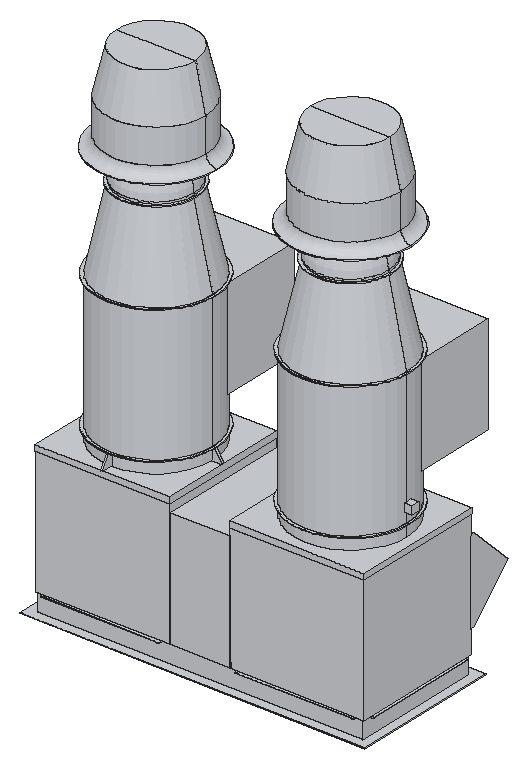
Revit family "QMXVP_with_1X2_Mixing_Box_Sides", category Mechanical Equipment, Revit 2019 (continued)
Types (225): name | UNIT_RADIUS+4" | UNIT_RADIUS*.6 | UNIT_RADIUS | UNIT_RAD+((A/2)+.25")+4" | UNIT_RAD+((A/2)+.25") | UNIT_OD | UNIT_HEIGHT*.75 | UNIT_HEIGHT | TYPE | TRANSITION_TOP | RO2/2 | RO/2 | RO | NOZZLE_WB_RAD-2" | NOZZLE_WB_RAD | NOZZLE_WB/4 | NOZZLE_TOP_RAD | NOZZLE_TOP_OD | NOZZLE_SIZE | NOZZLE_HEIGHT/7*2 | NOZZLE_HEIGHT | NOZZLE_BOTTOM_RAD | NOZZLE_WB_OD | NOZZLE_BOTTOM_ID | MB_HT/2 | MB_HT-2.75" | MB_HT+.25" | MB_HT | MB_A | LONG_RO | GA | E | DUAL_G | DUAL_F+1" | DUAL_F | C/2 | C | B/2 | B | A/2 | A+.5 | A | Type Comments | Model | -A | (NOZZLE_WB_OD-NOZZLE_TOP_OD)/2 | (NOZZLE_HEIGHT-(NOZZLE_HEIGHT/8*2))/2 | (A/2)+.25"
  490_QMXHPVP-49L-1X2_Mixing_Box_Sides | 38 11/16" | 31 7/32" | 34 11/16" | 78 15/16" | 74 15/16" | 69 3/8" | 60 3/8" | 80 1/2" | 12" | 96 3/4" | 36 1/8" | 36 1/8" | 72 1/4" | 48 1/2" | 50 1/2" | 20.2" | 38" | 76" | 588" | 27 1/2" | 110" | 34 11/16" | 101" | 69 3/8" | 43 15/32" | 84 3/16" | 87 3/16" | 86 15/16" | 113" | 184 3/4" | 17/128" | 78 1/2" | 191" | 193" | 192" | 51 1/2" | 103" | 109 1/2" | 219" | 40" | 80 1/2" | 80" | "Vari-Plume Laboratory Exhaust Mixed-Flow High Pressure Inline Belt Drive With 1X2 Mixing Box With Weather Hoods On Sides\r\n" | "QMXHPVP-1X2_Mixing Box_Sides" | -80" | 6 1/4" | 41 1/4" | 40 1/4"
  202_QMXHPVP-21H-1X2_Mixing_Box_Sides | 18 3/8" | 12 15/16" | 14 3/8" | 37 5/8" | 33 5/8" | 28 3/4" | 28 1/8" | 37 1/2" | 12" | 51 5/8" | 15 3/8" | 15 3/8" | 30 3/4" | 22 1/2" | 24 1/2" | 9.8" | 15 3/8" | 30 3/4" | 252" | 13 3/16" | 52 3/4" | 14 3/8" | 49" | 28 3/4" | 20 19/32" | 38 7/16" | 41 7/16" | 41 3/16" | 49" | 82 7/8" | 27/256" | 36 15/16" | 89 1/8" | 91" | 90" | 25" | 50" | 52" | 104" | 19" | 38 1/2" | 38" | "Vari-Plume Laboratory Exhaust Mixed-Flow High Pressure Inline Belt Drive With 1X2 Mixing Box With Weather Hoods On Sides\r\n" | "QMXHPVP-1X2_Mixing Box_Sides" | -38" | 4 9/16" | 19 25/32" | 19 1/4"
  202_QMXHPVP-21L-1X2_Mixing_Box_Sides | 18 3/8" | 12 15/16" | 14 3/8" | 37 5/8" | 33 5/8" | 28 3/4" | 28 1/8" | 37 1/2" | 12" | 51 5/8" | 15 3/8" | 15 3/8" | 30 3/4" | 22 1/2" | 24 1/2" | 9.8" | 15 3/8" | 30 3/4" | 252" | 13 3/16" | 52 3/4" | 14 3/8" | 49" | 28 3/4" | 20 19/32" | 38 7/16" | 41 7/16" | 41 3/16" | 49" | 82 7/8" | 27/256" | 36 15/16" | 89 1/8" | 91" | 90" | 25" | 50" | 52" | 104" | 19" | 38 1/2" | 38" | "Vari-Plume Laboratory Exhaust Mixed-Flow High Pressure Inline Belt Drive With 1X2 Mixing Box With Weather Hoods On Sides\r\n" | "QMXHPVP-1X2_Mixing Box_Sides" | -38" | 4 9/16" | 19 25/32" | 19 1/4"
  202_QMXVP-21H-1X2_Mixing_Box_Sides | 18 3/8" | 12 15/16" | 14 3/8" | 37 5/8" | 33 5/8" | 28 3/4" | 28 1/8" | 37 1/2" | 0" | 51 5/8" | 15 3/8" | 15 3/8" | 30 3/4" | 22 1/2" | 24 1/2" | 9.8" | 15 3/8" | 30 3/4" | 252" | 13 3/16" | 52 3/4" | 14 3/8" | 49" | 28 3/4" | 20 19/32" | 38 7/16" | 41 7/16" | 41 3/16" | 49" | 82 7/8" | 27/256" | 36 15/16" | 89 1/8" | 91" | 90" | 25" | 50" | 52" | 104" | 19" | 38 1/2" | 38" | "Vari-Plume Laboratory Exhaust Mixed-Flow Inline Belt Drive With 1X2 Mixing Box With Weather Hoods On Sides\r\n" | "QMXVP-1X2_Mixing Box_Sides" | -38" | 4 9/16" | 19 25/32" | 19 1/4"
  202_QMXVP-21L-1X2_Mixing_Box_Sides | 18 3/8" | 12 15/16" | 14 3/8" | 37 5/8" | 33 5/8" | 28 3/4" | 28 1/8" | 37 1/2" | 0" | 51 5/8" | 15 3/8" | 15 3/8" | 30 3/4" | 22 1/2" | 24 1/2" | 9.8" | 15 3/8" | 30 3/4" | 252" | 13 3/16" | 52 3/4" | 14 3/8" | 49" | 28 3/4" | 20 19/32" | 38 7/16" | 41 7/16" | 41 3/16" | 49" | 82 7/8" | 27/256" | 36 15/16" | 89 1/8" | 91" | 90" | 25" | 50" | 52" | 104" | 19" | 38 1/2" | 38" | "Vari-Plume Laboratory Exhaust Mixed-Flow Inline Belt Drive With 1X2 Mixing Box With Weather Hoods On Sides\r\n" | "QMXVP-1X2_Mixing Box_Sides" | -38" | 4 9/16" | 19 25/32" | 19 1/4"
  225_QMXHPVP-21H-1X2_Mixing_Box_Sides | 19 31/32" | 14.37188" | 15 31/32" | 41 7/32" | 37 7/32" | 31 15/16" | 30 3/4" | 41" | 12" | 61 1/8" | 17 3/8" | 17 3/8" | 34 3/4" | 22 1/2" | 24 1/2" | 9.8" | 15 3/8" | 30 3/4" | 252" | 13 3/16" | 52 3/4" | 14 3/8" | 49" | 28 3/4" | 21 19/32" | 40 7/16" | 43 7/16" | 43 3/16" | 54" | 85 7/8" | 27/256" | 40 15/16" | 92 1/8" | 94" | 93" | 28" | 56" | 56 1/2" | 113" | 21" | 42 1/2" | 42" | "Vari-Plume Laboratory Exhaust Mixed-Flow High Pressure Inline Belt Drive With 1X2 Mixing Box With Weather Hoods On Sides\r\n" | "QMXHPVP-1X2_Mixing Box_Sides" | -42" | 4 9/16" | 19 25/32" | 21 1/4"
  225_QMXHPVP-21L-1X2_Mixing_Box_Sides | 19 31/32" | 14.37188" | 15 31/32" | 41 7/32" | 37 7/32" | 31 15/16" | 30 3/4" | 41" | 12" | 61 1/8" | 17 3/8" | 17 3/8" | 34 3/4" | 22 1/2" | 24 1/2" | 9.8" | 15 3/8" | 30 3/4" | 252" | 13 3/16" | 52 3/4" | 14 3/8" | 49" | 28 3/4" | 21 19/32" | 40 7/16" | 43 7/16" | 43 3/16" | 54" | 85 7/8" | 27/256" | 40 15/16" | 92 1/8" | 94" | 93" | 28" | 56" | 56 1/2" | 113" | 21" | 42 1/2" | 42" | "Vari-Plume Laboratory Exhaust Mixed-Flow High Pressure Inline Belt Drive With 1X2 Mixing Box With Weather Hoods On Sides\r\n" | "QMXHPVP-1X2_Mixing Box_Sides" | -42" | 4 9/16" | 19 25/32" | 21 1/4"
  225_QMXVP-21H-1X2_Mixing_Box_Sides | 19 31/32" | 14.37188" | 15 31/32" | 41 7/32" | 37 7/32" | 31 15/16" | 30 3/4" | 41" | 0" | 61 1/8" | 17 3/8" | 17 3/8" | 34 3/4" | 22 1/2" | 24 1/2" | 9.8" | 15 3/8" | 30 3/4" | 252" | 13 3/16" | 52 3/4" | 14 3/8" | 49" | 28 3/4" | 21 19/32" | 40 7/16" | 43 7/16" | 43 3/16" | 54" | 85 7/8" | 27/256" | 40 15/16" | 92 1/8" | 94" | 93" | 28" | 56" | 56 1/2" | 113" | 21" | 42 1/2" | 42" | "Vari-Plume Laboratory Exhaust Mixed-Flow Inline Belt Drive With 1X2 Mixing Box With Weather Hoods On Sides\r\n" | "QMXVP-1X2_Mixing Box_Sides" | -42" | 4 9/16" | 19 25/32" | 21 1/4"
  225_QMXVP-21L-1X2_Mixing_Box_Sides | 19 31/32" | 14.37188" | 15 31/32" | 41 7/32" | 37 7/32" | 31 15/16" | 30 3/4" | 41" | 0" | 61 1/8" | 17 3/8" | 17 3/8" | 34 3/4" | 22 1/2" | 24 1/2" | 9.8" | 15 3/8" | 30 3/4" | 252" | 13 3/16" | 52 3/4" | 14 3/8" | 49" | 28 3/4" | 21 19/32" | 40 7/16" | 43 7/16" | 43 3/16" | 54" | 85 7/8" | 27/256" | 40 15/16" | 92 1/8" | 94" | 93" | 28" | 56" | 56 1/2" | 113" | 21" | 42 1/2" | 42" | "Vari-Plume Laboratory Exhaust Mixed-Flow Inline Belt Drive With 1X2 Mixing Box With Weather Hoods On Sides\r\n" | "QMXVP-1X2_Mixing Box_Sides" | -42" | 4 9/16" | 19 25/32" | 21 1/4"
  245_QMXHPVP-21H-1X2_Mixing_Box_Sides | 21 3/8" | 15.6375" | 17 3/8" | 43 5/8" | 39 5/8" | 34 3/4" | 33 3/8" | 44 1/2" | 12" | 69 11/16" | 18 3/8" | 18 3/8" | 36 3/4" | 22 1/2" | 24 1/2" | 9.8" | 15 3/8" | 30 3/4" | 252" | 13 3/16" | 52 3/4" | 14 3/8" | 49" | 28 3/4" | 22 23/32" | 42 11/16" | 45 11/16" | 45 7/16" | 57" | 100 7/8" | 27/256" | 42 15/16" | 107 1/8" | 109" | 108" | 29 1/2" | 59" | 60 1/2" | 121" | 22" | 44 1/2" | 44" | "Vari-Plume Laboratory Exhaust Mixed-Flow High Pressure Inline Belt Drive With 1X2 Mixing Box With Weather Hoods On Sides\r\n" | "QMXHPVP-1X2_Mixing Box_Sides" | -44" | 4 9/16" | 19 25/32" | 22 1/4"
  245_QMXHPVP-21L-1X2_Mixing_Box_Sides | 21 3/8" | 15.6375" | 17 3/8" | 43 5/8" | 39 5/8" | 34 3/4" | 33 3/8" | 44 1/2" | 12" | 69 11/16" | 18 3/8" | 18 3/8" | 36 3/4" | 22 1/2" | 24 1/2" | 9.8" | 15 3/8" | 30 3/4" | 252" | 13 3/16" | 52 3/4" | 14 3/8" | 49" | 28 3/4" | 22 23/32" | 42 11/16" | 45 11/16" | 45 7/16" | 57" | 100 7/8" | 27/256" | 42 15/16" | 107 1/8" | 109" | 108" | 29 1/2" | 59" | 60 1/2" | 121" | 22" | 44 1/2" | 44" | "Vari-Plume Laboratory Exhaust Mixed-Flow High Pressure Inline Belt Drive With 1X2 Mixing Box With Weather Hoods On Sides\r\n" | "QMXHPVP-1X2_Mixing Box_Sides" | -44" | 4 9/16" | 19 25/32" | 22 1/4"
  245_QMXVP-21H-1X2_Mixing_Box_Sides | 21 3/8" | 15.6375" | 17 3/8" | 43 5/8" | 39 5/8" | 34 3/4" | 33 3/8" | 44 1/2" | 0" | 69 11/16" | 18 3/8" | 18 3/8" | 36 3/4" | 22 1/2" | 24 1/2" | 9.8" | 15 3/8" | 30 3/4" | 252" | 13 3/16" | 52 3/4" | 14 3/8" | 49" | 28 3/4" | 22 23/32" | 42 11/16" | 45 11/16" | 45 7/16" | 57" | 100 7/8" | 27/256" | 42 15/16" | 107 1/8" | 109" | 108" | 29 1/2" | 59" | 60 1/2" | 121" | 22" | 44 1/2" | 44" | "Vari-Plume Laboratory Exhaust Mixed-Flow Inline Belt Drive With 1X2 Mixing Box With Weather Hoods On Sides\r\n" | "QMXVP-1X2_Mixing Box_Sides" | -44" | 4 9/16" | 19 25/32" | 22 1/4"
  245_QMXVP-21L-1X2_Mixing_Box_Sides | 21 3/8" | 15.6375" | 17 3/8" | 43 5/8" | 39 5/8" | 34 3/4" | 33 3/8" | 44 1/2" | 0" | 69 11/16" | 18 3/8" | 18 3/8" | 36 3/4" | 22 1/2" | 24 1/2" | 9.8" | 15 3/8" | 30 3/4" | 252" | 13 3/16" | 52 3/4" | 14 3/8" | 49" | 28 3/4" | 22 23/32" | 42 11/16" | 45 11/16" | 45 7/16" | 57" | 100 7/8" | 27/256" | 42 15/16" | 107 1/8" | 109" | 108" | 29 1/2" | 59" | 60 1/2" | 121" | 22" | 44 1/2" | 44" | "Vari-Plume Laboratory Exhaust Mixed-Flow Inline Belt Drive With 1X2 Mixing Box With Weather Hoods On Sides\r\n" | "QMXVP-1X2_Mixing Box_Sides" | -44" | 4 9/16" | 19 25/32" | 22 1/4"
  270_QMXHPVP-21H-1X2_Mixing_Box_Sides | 23 5/32" | 17.24063" | 19 5/32" | 47 13/32" | 43 13/32" | 38 5/16" | 35 1/4" | 47" | 12" | 79 3/16" | 20 3/8" | 20 3/8" | 40 3/4" | 22 1/2" | 24 1/2" | 9.8" | 15 3/8" | 30 3/4" | 252" | 13 3/16" | 52 3/4" | 14 3/8" | 49" | 28 3/4" | 23 19/32" | 44 7/16" | 47 7/16" | 47 3/16" | 62" | 104 7/8" | 27/256" | 46 15/16" | 111 1/8" | 113" | 112" | 31 1/2" | 63" | 64" | 128" | 24" | 48 1/2" | 48" | "Vari-Plume Laboratory Exhaust Mixed-Flow High Pressure Inline Belt Drive With 1X2 Mixing Box With Weather Hoods On Sides\r\n" | "QMXHPVP-1X2_Mixing Box_Sides" | -48" | 4 9/16" | 19 25/32" | 24 1/4"
  270_QMXHPVP-21L-1X2_Mixing_Box_Sides | 23 5/32" | 17.24063" | 19 5/32" | 47 13/32" | 43 13/32" | 38 5/16" | 35 1/4" | 47" | 12" | 79 3/16" | 20 3/8" | 20 3/8" | 40 3/4" | 22 1/2" | 24 1/2" | 9.8" | 15 3/8" | 30 3/4" | 252" | 13 3/16" | 52 3/4" | 14 3/8" | 49" | 28 3/4" | 23 19/32" | 44 7/16" | 47 7/16" | 47 3/16" | 62" | 104 7/8" | 27/256" | 46 15/16" | 111 1/8" | 113" | 112" | 31 1/2" | 63" | 64" | 128" | 24" | 48 1/2" | 48" | "Vari-Plume Laboratory Exhaust Mixed-Flow High Pressure Inline Belt Drive With 1X2 Mixing Box With Weather Hoods On Sides\r\n" | "QMXHPVP-1X2_Mixing Box_Sides" | -48" | 4 9/16" | 19 25/32" | 24 1/4"
  270_QMXVP-21H-1X2_Mixing_Box_Sides | 23 5/32" | 17.24063" | 19 5/32" | 47 13/32" | 43 13/32" | 38 5/16" | 35 1/4" | 47" | 0" | 79 3/16" | 20 3/8" | 20 3/8" | 40 3/4" | 22 1/2" | 24 1/2" | 9.8" | 15 3/8" | 30 3/4" | 252" | 13 3/16" | 52 3/4" | 14 3/8" | 49" | 28 3/4" | 23 19/32" | 44 7/16" | 47 7/16" | 47 3/16" | 62" | 104 7/8" | 27/256" | 46 15/16" | 111 1/8" | 113" | 112" | 31 1/2" | 63" | 64" | 128" | 24" | 48 1/2" | 48" | "Vari-Plume Laboratory Exhaust Mixed-Flow Inline Belt Drive With 1X2 Mixing Box With Weather Hoods On Sides\r\n" | "QMXVP-1X2_Mixing Box_Sides" | -48" | 4 9/16" | 19 25/32" | 24 1/4"
  270_QMXVP-21L-1X2_Mixing_Box_Sides | 23 5/32" | 17.24063" | 19 5/32" | 47 13/32" | 43 13/32" | 38 5/16" | 35 1/4" | 47" | 0" | 79 3/16" | 20 3/8" | 20 3/8" | 40 3/4" | 22 1/2" | 24 1/2" | 9.8" | 15 3/8" | 30 3/4" | 252" | 13 3/16" | 52 3/4" | 14 3/8" | 49" | 28 3/4" | 23 19/32" | 44 7/16" | 47 7/16" | 47 3/16" | 62" | 104 7/8" | 27/256" | 46 15/16" | 111 1/8" | 113" | 112" | 31 1/2" | 63" | 64" | 128" | 24" | 48 1/2" | 48" | "Vari-Plume Laboratory Exhaust Mixed-Flow Inline Belt Drive With 1X2 Mixing Box With Weather Hoods On Sides\r\n" | "QMXVP-1X2_Mixing Box_Sides" | -48" | 4 9/16" | 19 25/32" | 24 1/4"
  300_QMXHPVP-21H-1X2_Mixing_Box_Sides | 25 1/4" | 19 1/8" | 21 1/4" | 51 1/2" | 47 1/2" | 42 1/2" | 40 1/2" | 54" | 12" | 94 3/16" | 22 3/8" | 22 3/8" | 44 3/4" | 22 1/2" | 24 1/2" | 9.8" | 15 3/8" | 30 3/4" | 252" | 13 3/16" | 52 3/4" | 14 3/8" | 49" | 28 3/4" | 25 7/32" | 47 11/16" | 50 11/16" | 50 7/16" | 68" | 124 7/8" | 27/256" | 50 15/16" | 131 1/8" | 133" | 132" | 33 1/2" | 67" | 74" | 148" | 26" | 52 1/2" | 52" | "Vari-Plume Laboratory Exhaust Mixed-Flow High Pressure Inline Belt Drive With 1X2 Mixing Box With Weather Hoods On Sides\r\n" | "QMXHPVP-1X2_Mixing Box_Sides" | -52" | 4 9/16" | 19 25/32" | 26 1/4"
  300_QMXHPVP-21L-1X2_Mixing_Box_Sides | 25 1/4" | 19 1/8" | 21 1/4" | 51 1/2" | 47 1/2" | 42 1/2" | 40 1/2" | 54" | 12" | 94 3/16" | 22 3/8" | 22 3/8" | 44 3/4" | 22 1/2" | 24 1/2" | 9.8" | 15 3/8" | 30 3/4" | 252" | 13 3/16" | 52 3/4" | 14 3/8" | 49" | 28 3/4" | 25 7/32" | 47 11/16" | 50 11/16" | 50 7/16" | 68" | 124 7/8" | 27/256" | 50 15/16" | 131 1/8" | 133" | 132" | 33 1/2" | 67" | 74" | 148" | 26" | 52 1/2" | 52" | "Vari-Plume Laboratory Exhaust Mixed-Flow High Pressure Inline Belt Drive With 1X2 Mixing Box With Weather Hoods On Sides\r\n" | "QMXHPVP-1X2_Mixing Box_Sides" | -52" | 4 9/16" | 19 25/32" | 26 1/4"
  300_QMXVP-21H-1X2_Mixing_Box_Sides | 25 1/4" | 19 1/8" | 21 1/4" | 51 1/2" | 47 1/2" | 42 1/2" | 40 1/2" | 54" | 0" | 94 3/16" | 22 3/8" | 22 3/8" | 44 3/4" | 22 1/2" | 24 1/2" | 9.8" | 15 3/8" | 30 3/4" | 252" | 13 3/16" | 52 3/4" | 14 3/8" | 49" | 28 3/4" | 25 7/32" | 47 11/16" | 50 11/16" | 50 7/16" | 68" | 124 7/8" | 27/256" | 50 15/16" | 131 1/8" | 133" | 132" | 33 1/2" | 67" | 74" | 148" | 26" | 52 1/2" | 52" | "Vari-Plume Laboratory Exhaust Mixed-Flow Inline Belt Drive With 1X2 Mixing Box With Weather Hoods On Sides\r\n" | "QMXVP-1X2_Mixing Box_Sides" | -52" | 4 9/16" | 19 25/32" | 26 1/4"
  300_QMXVP-21L-1X2_Mixing_Box_Sides | 25 1/4" | 19 1/8" | 21 1/4" | 51 1/2" | 47 1/2" | 42 1/2" | 40 1/2" | 54" | 0" | 94 3/16" | 22 3/8" | 22 3/8" | 44 3/4" | 22 1/2" | 24 1/2" | 9.8" | 15 3/8" | 30 3/4" | 252" | 13 3/16" | 52 3/4" | 14 3/8" | 49" | 28 3/4" | 25 7/32" | 47 11/16" | 50 11/16" | 50 7/16" | 68" | 124 7/8" | 27/256" | 50 15/16" | 131 1/8" | 133" | 132" | 33 1/2" | 67" | 74" | 148" | 26" | 52 1/2" | 52" | "Vari-Plume Laboratory Exhaust Mixed-Flow Inline Belt Drive With 1X2 Mixing Box With Weather Hoods On Sides\r\n" | "QMXVP-1X2_Mixing Box_Sides" | -52" | 4 9/16" | 19 25/32" | 26 1/4"
  270_QMXHPVP-27H-1X2_Mixing_Box_Sides | 23 5/32" | 17.24063" | 19 5/32" | 47 13/32" | 43 13/32" | 38 5/16" | 35 1/4" | 47" | 12" | 62 1/4" | 20 3/8" | 20 3/8" | 40 3/4" | 28 1/2" | 30 1/2" | 12.2" | 19 27/32" | 39 11/16" | 324" | 15 5/32" | 60 5/8" | 19 5/32" | 61" | 38 5/16" | 23 19/32" | 44 7/16" | 47 7/16" | 47 3/16" | 62" | 104 7/8" | 27/256" | 46 15/16" | 111 1/8" | 113" | 112" | 31 1/2" | 63" | 64" | 128" | 24" | 48 1/2" | 48" | "Vari-Plume Laboratory Exhaust Mixed-Flow High Pressure Inline Belt Drive With 1X2 Mixing Box With Weather Hoods On Sides\r\n" | "QMXHPVP-1X2_Mixing Box_Sides" | -48" | 5 21/64" | 22 47/64" | 24 1/4"
  270_QMXHPVP-27L-1X2_Mixing_Box_Sides | 23 5/32" | 17.24063" | 19 5/32" | 47 13/32" | 43 13/32" | 38 5/16" | 35 1/4" | 47" | 12" | 62 1/4" | 20 3/8" | 20 3/8" | 40 3/4" | 28 1/2" | 30 1/2" | 12.2" | 19 27/32" | 39 11/16" | 324" | 15 5/32" | 60 5/8" | 19 5/32" | 61" | 38 5/16" | 23 19/32" | 44 7/16" | 47 7/16" | 47 3/16" | 62" | 104 7/8" | 27/256" | 46 15/16" | 111 1/8" | 113" | 112" | 31 1/2" | 63" | 64" | 128" | 24" | 48 1/2" | 48" | "Vari-Plume Laboratory Exhaust Mixed-Flow High Pressure Inline Belt Drive With 1X2 Mixing Box With Weather Hoods On Sides\r\n" | "QMXHPVP-1X2_Mixing Box_Sides" | -48" | 5 21/64" | 22 47/64" | 24 1/4"
  270_QMXVP-27H-1X2_Mixing_Box_Sides | 23 5/32" | 17.24063" | 19 5/32" | 47 13/32" | 43 13/32" | 38 5/16" | 35 1/4" | 47" | 0" | 62 1/4" | 20 3/8" | 20 3/8" | 40 3/4" | 28 1/2" | 30 1/2" | 12.2" | 19 27/32" | 39 11/16" | 324" | 15 5/32" | 60 5/8" | 19 5/32" | 61" | 38 5/16" | 23 19/32" | 44 7/16" | 47 7/16" | 47 3/16" | 62" | 104 7/8" | 27/256" | 46 15/16" | 111 1/8" | 113" | 112" | 31 1/2" | 63" | 64" | 128" | 24" | 48 1/2" | 48" | "Vari-Plume Laboratory Exhaust Mixed-Flow Inline Belt Drive With 1X2 Mixing Box With Weather Hoods On Sides\r\n" | "QMXVP-1X2_Mixing Box_Sides" | -48" | 5 21/64" | 22 47/64" | 24 1/4"
  270_QMXVP-27L-1X2_Mixing_Box_Sides | 23 5/32" | 17.24063" | 19 5/32" | 47 13/32" | 43 13/32" | 38 5/16" | 35 1/4" | 47" | 0" | 62 1/4" | 20 3/8" | 20 3/8" | 40 3/4" | 28 1/2" | 30 1/2" | 12.2" | 19 27/32" | 39 11/16" | 324" | 15 5/32" | 60 5/8" | 19 5/32" | 61" | 38 5/16" | 23 19/32" | 44 7/16" | 47 7/16" | 47 3/16" | 62" | 104 7/8" | 27/256" | 46 15/16" | 111 1/8" | 113" | 112" | 31 1/2" | 63" | 64" | 128" | 24" | 48 1/2" | 48" | "Vari-Plume Laboratory Exhaust Mixed-Flow Inline Belt Drive With 1X2 Mixing Box With Weather Hoods On Sides\r\n" | "QMXVP-1X2_Mixing Box_Sides" | -48" | 5 21/64" | 22 47/64" | 24 1/4"
  300_QMXHPVP-27H-1X2_Mixing_Box_Sides | 25 1/4" | 19 1/8" | 21 1/4" | 51 1/2" | 47 1/2" | 42 1/2" | 40 1/2" | 54" | 12" | 77 1/4" | 22 3/8" | 22 3/8" | 44 3/4" | 28 1/2" | 30 1/2" | 12.2" | 19 27/32" | 39 11/16" | 324" | 15 5/32" | 60 5/8" | 19 5/32" | 61" | 38 5/16" | 25 7/32" | 47 11/16" | 50 11/16" | 50 7/16" | 68" | 124 7/8" | 27/256" | 50 15/16" | 131 1/8" | 133" | 132" | 33 1/2" | 67" | 74" | 148" | 26" | 52 1/2" | 52" | "Vari-Plume Laboratory Exhaust Mixed-Flow High Pressure Inline Belt Drive With 1X2 Mixing Box With Weather Hoods On Sides\r\n" | "QMXHPVP-1X2_Mixing Box_Sides" | -52" | 5 21/64" | 22 47/64" | 26 1/4"
  300_QMXHPVP-27L-1X2_Mixing_Box_Sides | 25 1/4" | 19 1/8" | 21 1/4" | 51 1/2" | 47 1/2" | 42 1/2" | 40 1/2" | 54" | 12" | 77 1/4" | 22 3/8" | 22 3/8" | 44 3/4" | 28 1/2" | 30 1/2" | 12.2" | 19 27/32" | 39 11/16" | 324" | 15 5/32" | 60 5/8" | 19 5/32" | 61" | 38 5/16" | 25 7/32" | 47 11/16" | 50 11/16" | 50 7/16" | 68" | 124 7/8" | 27/256" | 50 15/16" | 131 1/8" | 133" | 132" | 33 1/2" | 67" | 74" | 148" | 26" | 52 1/2" | 52" | "Vari-Plume Laboratory Exhaust Mixed-Flow High Pressure Inline Belt Drive With 1X2 Mixing Box With Weather Hoods On Sides\r\n" | "QMXHPVP-1X2_Mixing Box_Sides" | -52" | 5 21/64" | 22 47/64" | 26 1/4"
  300_QMXVP-27H-1X2_Mixing_Box_Sides | 25 1/4" | 19 1/8" | 21 1/4" | 51 1/2" | 47 1/2" | 42 1/2" | 40 1/2" | 54" | 0" | 77 1/4" | 22 3/8" | 22 3/8" | 44 3/4" | 28 1/2" | 30 1/2" | 12.2" | 19 27/32" | 39 11/16" | 324" | 15 5/32" | 60 5/8" | 19 5/32" | 61" | 38 5/16" | 25 7/32" | 47 11/16" | 50 11/16" | 50 7/16" | 68" | 124 7/8" | 27/256" | 50 15/16" | 131 1/8" | 133" | 132" | 33 1/2" | 67" | 74" | 148" | 26" | 52 1/2" | 52" | "Vari-Plume Laboratory Exhaust Mixed-Flow Inline Belt Drive With 1X2 Mixing Box With Weather Hoods On Sides\r\n" | "QMXVP-1X2_Mixing Box_Sides" | -52" | 5 21/64" | 22 47/64" | 26 1/4"
  300_QMXVP-27L-1X2_Mixing_Box_Sides | 25 1/4" | 19 1/8" | 21 1/4" | 51 1/2" | 47 1/2" | 42 1/2" | 40 1/2" | 54" | 0" | 77 1/4" | 22 3/8" | 22 3/8" | 44 3/4" | 28 1/2" | 30 1/2" | 12.2" | 19 27/32" | 39 11/16" | 324" | 15 5/32" | 60 5/8" | 19 5/32" | 61" | 38 5/16" | 25 7/32" | 47 11/16" | 50 11/16" | 50 7/16" | 68" | 124 7/8" | 27/256" | 50 15/16" | 131 1/8" | 133" | 132" | 33 1/2" | 67" | 74" | 148" | 26" | 52 1/2" | 52" | "Vari-Plume Laboratory Exhaust Mixed-Flow Inline Belt Drive With 1X2 Mixing Box With Weather Hoods On Sides\r\n" | "QMXVP-1X2_Mixing Box_Sides" | -52" | 5 21/64" | 22 47/64" | 26 1/4"
  330_QMXHPVP-27L-1X2_Mixing_Box_Sides | 27 3/8" | 21.0375" | 23 3/8" | 55 5/8" | 51 5/8" | 46 3/4" | 43 7/8" | 58 1/2" | 12" | 89 3/4" | 24 5/16" | 24 5/16" | 48 5/8" | 28 1/2" | 30 1/2" | 12.2" | 19 27/32" | 39 11/16" | 324" | 15 5/32" | 60 5/8" | 19 5/32" | 61" | 38 5/16" | 26 27/32" | 50 15/16" | 53 15/16" | 53 11/16" | 73" | 128 7/8" | 27/256" | 54 13/16" | 135 1/8" | 137" | 136" | 36 1/2" | 73" | 77" | 154" | 28" | 56 1/2" | 56" | "Vari-Plume Laboratory Exhaust Mixed-Flow High Pressure Inline Belt Drive With 1X2 Mixing Box With Weather Hoods On Sides\r\n" | "QMXHPVP-1X2_Mixing Box_Sides" | -56" | 5 21/64" | 22 47/64" | 28 1/4"
  330_QMXHPVP-27H-1X2_Mixing_Box_Sides | 27 3/8" | 21.0375" | 23 3/8" | 55 5/8" | 51 5/8" | 46 3/4" | 43 7/8" | 58 1/2" | 12" | 89 3/4" | 24 5/16" | 24 5/16" | 48 5/8" | 28 1/2" | 30 1/2" | 12.2" | 19 27/32" | 39 11/16" | 324" | 15 5/32" | 60 5/8" | 19 5/32" | 61" | 38 5/16" | 26 27/32" | 50 15/16" | 53 15/16" | 53 11/16" | 73" | 128 7/8" | 27/256" | 54 13/16" | 135 1/8" | 137" | 136" | 36 1/2" | 73" | 77" | 154" | 28" | 56 1/2" | 56" | "Vari-Plume Laboratory Exhaust Mixed-Flow High Pressure Inline Belt Drive With 1X2 Mixing Box With Weather Hoods On Sides\r\n" | "QMXHPVP-1X2_Mixing Box_Sides" | -56" | 5 21/64" | 22 47/64" | 28 1/4"
  330_QMXVP-27H-1X2_Mixing_Box_Sides | 27 3/8" | 21.0375" | 23 3/8" | 55 5/8" | 51 5/8" | 46 3/4" | 43 7/8" | 58 1/2" | 0" | 89 3/4" | 24 5/16" | 24 5/16" | 48 5/8" | 28 1/2" | 30 1/2" | 12.2" | 19 27/32" | 39 11/16" | 324" | 15 5/32" | 60 5/8" | 19 5/32" | 61" | 38 5/16" | 26 27/32" | 50 15/16" | 53 15/16" | 53 11/16" | 73" | 128 7/8" | 27/256" | 54 13/16" | 135 1/8" | 137" | 136" | 36 1/2" | 73" | 77" | 154" | 28" | 56 1/2" | 56" | "Vari-Plume Laboratory Exhaust Mixed-Flow Inline Belt Drive With 1X2 Mixing Box With Weather Hoods On Sides\r\n" | "QMXVP-1X2_Mixing Box_Sides" | -56" | 5 21/64" | 22 47/64" | 28 1/4"
  330_QMXVP-27L-1X2_Mixing_Box_Sides | 27 3/8" | 21.0375" | 23 3/8" | 55 5/8" | 51 5/8" | 46 3/4" | 43 7/8" | 58 1/2" | 0" | 89 3/4" | 24 5/16" | 24 5/16" | 48 5/8" | 28 1/2" | 30 1/2" | 12.2" | 19 27/32" | 39 11/16" | 324" | 15 5/32" | 60 5/8" | 19 5/32" | 61" | 38 5/16" | 26 27/32" | 50 15/16" | 53 15/16" | 53 11/16" | 73" | 128 7/8" | 27/256" | 54 13/16" | 135 1/8" | 137" | 136" | 36 1/2" | 73" | 77" | 154" | 28" | 56 1/2" | 56" | "Vari-Plume Laboratory Exhaust Mixed-Flow Inline Belt Drive With 1X2 Mixing Box With Weather Hoods On Sides\r\n" | "QMXVP-1X2_Mixing Box_Sides" | -56" | 5 21/64" | 22 47/64" | 28 1/4"
  365_QMXHPVP-27H-1X2_Mixing_Box_Sides | 29 7/8" | 23.2875" | 25 7/8" | 61 1/8" | 57 1/8" | 51 3/4" | 48" | 64" | 12" | 104 1/4" | 27 1/4" | 27 1/4" | 54 1/2" | 28 1/2" | 30 1/2" | 12.2" | 19 27/32" | 39 11/16" | 324" | 15 5/32" | 60 5/8" | 19 5/32" | 61" | 38 5/16" | 29 27/32" | 56 15/16" | 59 15/16" | 59 11/16" | 82" | 151 3/4" | 27/256" | 60 3/4" | 158" | 160" | 159" | 39 1/2" | 79" | 87 1/2" | 175" | 31" | 62 1/2" | 62" | "Vari-Plume Laboratory Exhaust Mixed-Flow High Pressure Inline Belt Drive With 1X2 Mixing Box With Weather Hoods On Sides\r\n" | "QMXHPVP-1X2_Mixing Box_Sides" | -62" | 5 21/64" | 22 47/64" | 31 1/4"
  365_QMXHPVP-27L-1X2_Mixing_Box_Sides | 29 7/8" | 23.2875" | 25 7/8" | 61 1/8" | 57 1/8" | 51 3/4" | 48" | 64" | 12" | 104 1/4" | 27 1/4" | 27 1/4" | 54 1/2" | 28 1/2" | 30 1/2" | 12.2" | 19 27/32" | 39 11/16" | 324" | 15 5/32" | 60 5/8" | 19 5/32" | 61" | 38 5/16" | 29 27/32" | 56 15/16" | 59 15/16" | 59 11/16" | 82" | 151 3/4" | 27/256" | 60 3/4" | 158" | 160" | 159" | 39 1/2" | 79" | 87 1/2" | 175" | 31" | 62 1/2" | 62" | "Vari-Plume Laboratory Exhaust Mixed-Flow High Pressure Inline Belt Drive With 1X2 Mixing Box With Weather Hoods On Sides\r\n" | "QMXHPVP-1X2_Mixing Box_Sides" | -62" | 5 21/64" | 22 47/64" | 31 1/4"
  365_QMXVP-27H-1X2_Mixing_Box_Sides | 29 7/8" | 23.2875" | 25 7/8" | 61 1/8" | 57 1/8" | 51 3/4" | 48" | 64" | 0" | 104 1/4" | 27 1/4" | 27 1/4" | 54 1/2" | 28 1/2" | 30 1/2" | 12.2" | 19 27/32" | 39 11/16" | 324" | 15 5/32" | 60 5/8" | 19 5/32" | 61" | 38 5/16" | 29 27/32" | 56 15/16" | 59 15/16" | 59 11/16" | 82" | 151 3/4" | 27/256" | 60 3/4" | 158" | 160" | 159" | 39 1/2" | 79" | 87 1/2" | 175" | 31" | 62 1/2" | 62" | "Vari-Plume Laboratory Exhaust Mixed-Flow Inline Belt Drive With 1X2 Mixing Box With Weather Hoods On Sides\r\n" | "QMXVP-1X2_Mixing Box_Sides" | -62" | 5 21/64" | 22 47/64" | 31 1/4"
  365_QMXVP-27L-1X2_Mixing_Box_Sides | 29 7/8" | 23.2875" | 25 7/8" | 61 1/8" | 57 1/8" | 51 3/4" | 48" | 64" | 0" | 104 1/4" | 27 1/4" | 27 1/4" | 54 1/2" | 28 1/2" | 30 1/2" | 12.2" | 19 27/32" | 39 11/16" | 324" | 15 5/32" | 60 5/8" | 19 5/32" | 61" | 38 5/16" | 29 27/32" | 56 15/16" | 59 15/16" | 59 11/16" | 82" | 151 3/4" | 27/256" | 60 3/4" | 158" | 160" | 159" | 39 1/2" | 79" | 87 1/2" | 175" | 31" | 62 1/2" | 62" | "Vari-Plume Laboratory Exhaust Mixed-Flow Inline Belt Drive With 1X2 Mixing Box With Weather Hoods On Sides\r\n" | "QMXVP-1X2_Mixing Box_Sides" | -62" | 5 21/64" | 22 47/64" | 31 1/4"
  402_QMXHPVP-27H-1X2_Mixing_Box_Sides | 32 15/32" | 25.62188" | 28 15/32" | 66 7/32" | 62 7/32" | 56 15/16" | 51 3/8" | 68 1/2" | 12" | 118 3/4" | 29 23/32" | 29 23/32" | 59 7/16" | 28 1/2" | 30 1/2" | 12.2" | 19 27/32" | 39 11/16" | 324" | 15 5/32" | 60 5/8" | 19 5/32" | 61" | 38 5/16" | 32 31/32" | 63 3/16" | 66 3/16" | 65 15/16" | 90" | 156 3/4" | 27/256" | 65 3/4" | 163" | 165" | 164" | 44" | 88" | 91 1/2" | 183" | 33 1/2" | 67 1/2" | 67" | "Vari-Plume Laboratory Exhaust Mixed-Flow High Pressure Inline Belt Drive With 1X2 Mixing Box With Weather Hoods On Sides\r\n" | "QMXHPVP-1X2_Mixing Box_Sides" | -67" | 5 21/64" | 22 47/64" | 33 3/4"
  402_QMXHPVP-27L-1X2_Mixing_Box_Sides | 32 15/32" | 25.62188" | 28 15/32" | 66 7/32" | 62 7/32" | 56 15/16" | 51 3/8" | 68 1/2" | 12" | 118 3/4" | 29 23/32" | 29 23/32" | 59 7/16" | 28 1/2" | 30 1/2" | 12.2" | 19 27/32" | 39 11/16" | 324" | 15 5/32" | 60 5/8" | 19 5/32" | 61" | 38 5/16" | 32 31/32" | 63 3/16" | 66 3/16" | 65 15/16" | 90" | 156 3/4" | 27/256" | 65 3/4" | 163" | 165" | 164" | 44" | 88" | 91 1/2" | 183" | 33 1/2" | 67 1/2" | 67" | "Vari-Plume Laboratory Exhaust Mixed-Flow High Pressure Inline Belt Drive With 1X2 Mixing Box With Weather Hoods On Sides\r\n" | "QMXHPVP-1X2_Mixing Box_Sides" | -67" | 5 21/64" | 22 47/64" | 33 3/4"
  402_QMXVP-27H-1X2_Mixing_Box_Sides | 32 15/32" | 25.62188" | 28 15/32" | 66 7/32" | 62 7/32" | 56 15/16" | 51 3/8" | 68 1/2" | 0" | 118 3/4" | 29 23/32" | 29 23/32" | 59 7/16" | 28 1/2" | 30 1/2" | 12.2" | 19 27/32" | 39 11/16" | 324" | 15 5/32" | 60 5/8" | 19 5/32" | 61" | 38 5/16" | 32 31/32" | 63 3/16" | 66 3/16" | 65 15/16" | 90" | 156 3/4" | 27/256" | 65 3/4" | 163" | 165" | 164" | 44" | 88" | 91 1/2" | 183" | 33 1/2" | 67 1/2" | 67" | "Vari-Plume Laboratory Exhaust Mixed-Flow Inline Belt Drive With 1X2 Mixing Box With Weather Hoods On Sides\r\n" | "QMXVP-1X2_Mixing Box_Sides" | -67" | 5 21/64" | 22 47/64" | 33 3/4"
  402_QMXVP-27L-1X2_Mixing_Box_Sides | 32 15/32" | 25.62188" | 28 15/32" | 66 7/32" | 62 7/32" | 56 15/16" | 51 3/8" | 68 1/2" | 0" | 118 3/4" | 29 23/32" | 29 23/32" | 59 7/16" | 28 1/2" | 30 1/2" | 12.2" | 19 27/32" | 39 11/16" | 324" | 15 5/32" | 60 5/8" | 19 5/32" | 61" | 38 5/16" | 32 31/32" | 63 3/16" | 66 3/16" | 65 15/16" | 90" | 156 3/4" | 27/256" | 65 3/4" | 163" | 165" | 164" | 44" | 88" | 91 1/2" | 183" | 33 1/2" | 67 1/2" | 67" | "Vari-Plume Laboratory Exhaust Mixed-Flow Inline Belt Drive With 1X2 Mixing Box With Weather Hoods On Sides\r\n" | "QMXVP-1X2_Mixing Box_Sides" | -67" | 5 21/64" | 22 47/64" | 33 3/4"
